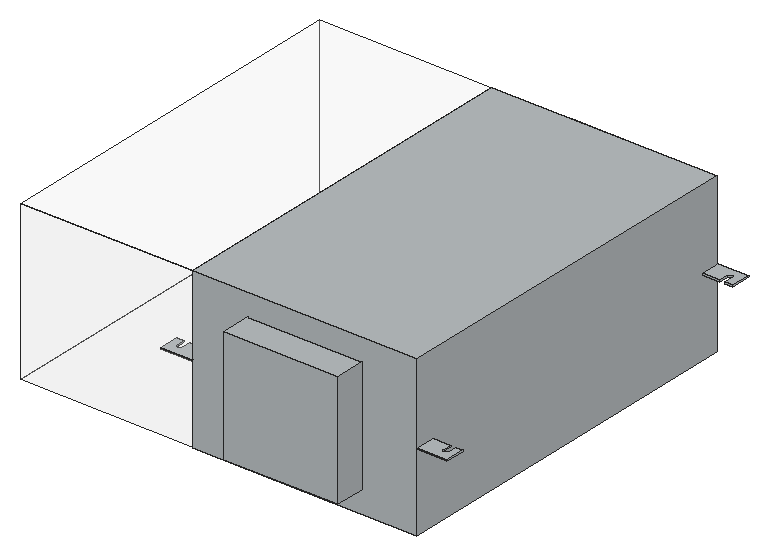
Revit family "7_天吊埋込タイプ 消音形(角ダクト) 3相200V-50", category 機械設備, Revit 2019
Family settings
  丸型コネクタ寸法 = 直径を使用
  パーツ タイプ = 割り込み
  OmniClass 番号 = 23.75.35.17.27
  OmniClass タイトル = Centrifugal Fans
  作業面ベース = いいえ
  常に垂直 = はい
  ロード時にボイドで切り取り = いいえ
  共有 = いいえ
  部屋計算ポイント = はい
Parameters (values of type "BFS-300TUA1-50")
  騒音レベル(dB(A))_吸込 = 49
  騒音レベル(dB(A))_吐出 = 73
  騒音レベル(dB(A))_側面 = 44
  騒音レベル(dB(A)) = 73
  風量 [instance] = 設計風量  # 0.0 m³/h
  電源種別 [instance] = "一般"
  電圧 = 200 V
  電動機出力 = 1000 W
  電動機_種別 [instance] = ""
  運転質量 = 0.00 kg
  連動 [instance] = ""
  質量 = if(製品質量 > 運転質量, 製品質量, 運転質量) * 1.2  # 52.80 kg
  負荷分類 = 3_ファン類
  説明 = "ストレートシロッコファン天吊埋込タイプ（消音形）"
  設計風量 [instance] = 0.0 m³/h
  設置方法 = "天吊"
  記号 [instance] = ""
  製造元 = "三菱電機株式会社"
  製品質量 = 44.00 kg
  製品出荷対象 = "国内"
  製品リリース年月 = "2005年11月1日"
  製品グループ = ""
  系統 [instance] = ""
  符号 [instance] = if(☑給気／□排気, "FS", "FE")  # "FE"
  積算_科目 = "2 換気設備"
  積算_拾い区分 [instance] = ""
  相 = 3
  盤記号 [instance] = ""
  盤工事区分 = "電気工事"
  発停方法 [instance] = "別売スイッチ"
  番手 = "#2"
  特殊仕様 [instance] = ""
  点検口位置 = 80 mm
  火災停止 = ""
  消費電力 = 910 W
  法定耐用年数 = "15"
  機外静圧 [instance] = 0.0 Pa
  極数 = 3
  極 = 4
  材質 [instance] = ""
  本体マテリアル = 溶融亜鉛めっき鋼板
  操作・制御方式 = ""
  操作・制御スイッチ = ""
  排気量 [instance] = if(☑給気／□排気, 0.0 m³/h, 設計風量)  # 0.0 m³/h
  形式 = ""
  形名 = BFS-TUA1 : BFS-300TUA1-50
  幹線記号 [instance] = ""
  対象室 [instance] = ""
  実風量 = 0.0 m³/h
  始動方式 [instance] = "直入"
  外気量 [instance] = if(☑給気／□排気, 設計風量, 0.0 m³/h)  # 0.0 m³/h
  呼称 = "消音ボックス付送風機"
  周波数 = 50 Hz
  天吊金具ピッチ幅 = 695 mm
  天吊金具ピッチ奥行 = 924 mm
  参照している仕様書等のバージョン = ""
  分類コード = "50052502100020"
  分類グループ = ""
  価格 = 233000
  企業コード = "108420"
  付属品_防振装置 = ""
  付属品 [instance] = ""
  仕様書バージョン = "Version1.0"
  モデル = "BFS-300TA1-50"
  ファンの種類 = "多翼形"
  ダクト高 = 298 mm
  ダクト幅 = 298 mm
  サービススペース = yes
  コメント [instance] = ""
  Keynote = ""
  ☑給気／□排気 [instance] = no
  Width = 586 mm
  Version = ""
  Uniclass2015Version = "Systems v1.9"
  Uniclass2015Title = "Centrifugal fans"
  Uniclass2015Code = "Pr_65_67_29_12"
  URL = "https://www.mitsubishielectric.co.jp/ldg/wink/ssl/displayProduct.do?pid=138112"
  SpecificationReference = ""
  SpecificationDescription = ""
  Revision = ""
  ProductInformation = ""
  OmniClassCode = "23-33 31 19 13 15"
  MIN風量 = 0.0 m³/h
  MIN静圧 = 0.0 Pa
  MID風量 = 0.0 m³/h
  MID静圧 = 0.0 Pa
  MAX風量 = 3000.0 m³/h
  MAX静圧 = 220.0 Pa
  M = 79 mm
  IfcTypeProduct = ""
  IfcProduct = ""
  IfcExportType = "CENTRIFUGALFORWARDCURVED"
  IfcExportAs = "IfcFanType"
  Height = 413 mm
  Depth = 977 mm
  Clearance Top = 0 mm  # constant formula
  Clearance Right = 0 mm  # constant formula
  Clearance Left = 450 mm  # constant formula
  Clearance Front = 0 mm  # constant formula
  Clearance Bottom = 0 mm  # constant formula
  Clearance Back = 0 mm  # constant formula
  Author = "三菱電機株式会社"
Types (5, lengths in mm): name | 騒音レベル(dB(A))_吸込 | 騒音レベル(dB(A))_吐出 | 騒音レベル(dB(A))_側面 | 騒音レベル(dB(A)) | 電動機出力 | 質量 | 製品質量 | 製品リリース年月 | 番手 | 点検口位置 | 消費電力 | 形名 | 天吊金具ピッチ幅 | 天吊金具ピッチ奥行 | 参照している仕様書等のバージョン | 価格 | モデル | ダクト高 | ダクト幅 | Width | URL | MAX風量 | MAX静圧 | M | Height | Depth
  BFS-800TU | 60.5 | 69 | 44.5 | 69 | 3500 W | 144.00 kg | 120.00 kg | "2015年4月20日" | "#2×3" | 281 | 2700 W | BFS-TUA1 : BFS-800TU | 1061 | 1630 | "" | 800000 | "BFS-800TU" | 298 | 798 | 950 | "https://www.mitsubishielectric.co.jp/ldg/wink/ssl/displayProduct.do?pid=255870" | 8000.0 m³/h | 200.0 Pa | 80 | 433 | 1682
  BFS-1000TU | 61 | 69.5 | 45 | 69.5 | 4400 W | 180.00 kg | 150.00 kg | "2015年4月20日" | "#2×4" | 281 | 3500 W | BFS-TUA1 : BFS-1000TU | 1181 | 1850 | "" | 850000 | "BFS-1000TU" | 298 | 898 | 1070 | "https://www.mitsubishielectric.co.jp/ldg/wink/ssl/displayProduct.do?pid=255869" | 10000.0 m³/h | 205.0 Pa | 80 | 433 | 1902
  BFS-300TUA1-50 | 49 | 73 | 44 | 73 | 1000 W | 52.80 kg | 44.00 kg | "2005年11月1日" | "#2" | 80 | 910 W | BFS-TUA1 : BFS-300TUA1-50 | 695 | 924 | "" | 233000 | "BFS-300TA1-50" | 298 | 298 | 586 | "https://www.mitsubishielectric.co.jp/ldg/wink/ssl/displayProduct.do?pid=138112" | 3000.0 m³/h | 220.0 Pa | 79 | 413 | 977
  BFS-450TUA | 52 | 71 | 43 | 71 | 2200 W | 93.60 kg | 78.00 kg | "2003年4月" | "#1 1/2×2" | 282.5 | 1150 W | BFS-TUA1 : BFS-450TUA | 989 | 962 | "公共建築工事標準仕様書（機械設備工事編）平成31年度版" | 375000 | "BFS-450TUA" | 248 | 698 | 884 | "https://www.mitsubishielectric.co.jp/ldg/wink/ssl/displayProduct.do?pid=41990" | 4500.0 m³/h | 190.0 Pa | 79 | 373 | 1010
  BFS-550TUA1-50 | 54 | 71 | 45 | 71 | 2000 W | 108.00 kg | 90.00 kg | "2005年11月1日" | "#2×2" | 282 | 1750 W | BFS-TUA1 : BFS-550TUA1-50 | 1124 | 1033 | "" | 417000 | "BFS-550TUA1-50" | 298 | 748 | 1020 | "https://www.mitsubishielectric.co.jp/ldg/wink/ssl/displayProduct.do?pid=138114" | 5500.0 m³/h | 200.0 Pa | 79 | 413 | 1078
Reference planes
  plane 1 "中心(正面/背面)": y = 0
  plane 2: z = 0
  plane 3 "中心(左/右)": x = 0
  plane 4 "左": x = -293
  plane 5 "右": x = 293
  plane 6 "背面": y = 488.5
  plane 7 "正面": y = -488.5
  plane 8: z = 206.5
  plane 9: y = 462
  plane 10: y = -462
  plane 11: x = 347.5
  plane 12: x = -347.5
  plane 13: z = -206.5
  plane 14: z = 206.5
  plane 15: z = -206.5
  plane 16: y = 488.5
  plane 17: y = -488.5
  plane 18: x = 293
  plane 19: x = -743
  plane 20: x = -373
Dimensions and locks
  "Width": plane 4 "左" to plane 5 "右"
  equal spacing: plane 7 "正面", plane 1 "中心(正面/背面)", plane 6 "背面"
  "Depth": plane 7 "正面" to plane 6 "背面"
  equal spacing: plane 8, level, plane 13
  "Height": plane 8 to plane 13
  "天吊金具ピッチ幅": plane 12 to plane 11
  equal spacing: plane 10, plane 1 "中心(正面/背面)", plane 9
  "天吊金具ピッチ奥行": plane 10 to plane 9
  "Clearance Top": plane 14 to plane 8
  "Clearance Bottom": plane 13 to plane 15
  "Clearance Right": plane 5 "右" to plane 18
  "Clearance Left": plane 19 to plane 4 "左"
  "Clearance Back": plane 6 "背面" to plane 16
  "Clearance Front": plane 17 to plane 7 "正面"
  equal spacing: plane 12, plane 3 "中心(左/右)", plane 11
  equal spacing: plane 4 "左", plane 3 "中心(左/右)", plane 5 "右"
  "点検口位置": plane 20 to plane 4 "左"
  aligned and locked: level to plane 2
  aligned and locked: nested 2 to plane 9
  aligned and locked: plane 10 to nested 2
  aligned and locked: plane 12 to nested 2
  aligned and locked: plane 11 to nested 2
  aligned and locked: plane 8 to nested 1
  aligned and locked: nested 1 to plane 13
  aligned and locked: plane 19 to nested 3
  aligned and locked: plane 17 to nested 3
  aligned and locked: plane 14 to nested 3
  aligned and locked: plane 15 to nested 3
  aligned and locked: plane 16 to nested 3
  aligned and locked: plane 4 "左" to nested 3
  aligned and locked: plane 1 "中心(正面/背面)" to nested 1
  aligned and locked: nested 1 to plane 3 "中心(左/右)"
Nested families
  nested 1: "BFS-TUA1" at (0, 0, -206.5) x (0, -1, 0) z (0, 0, 1), type <- "形名", type "BFS-300TUA1-50"
  nested 2: "固定点" at (-347.5, -462, 0), type "固定点"
    with 中心円 13.5 mm, W 695 mm, D 924 mm
  nested 3: "サービススペース" at (-518, 0, 0), visible <- "サービススペース", type "サービススペース"
    with Width 450 mm, Height 413 mm, Depth 977 mm
Connectors
  hvac at (0, -567.5, 0), driven by "ダクト高", driven by "ダクト幅", driven by "機外静圧", driven by "風量"
    settings: on nested 1, index 2, duct flow 0.0 m³/h, flow factor 0, pres drop 0.0 Pa, loss coef 0, conn angle 0.00°, conn width 298 mm, conn height 298 mm, conn diameter 609.6 mm, duct sys type 29, conn prof type 1, flow config 0, flow direction 2, loss method 4, conn ref index -1, conn util no, is conn primary yes, conn desc "Out"
  hvac at (0, 567.5, 0), driven by "ダクト高", driven by "ダクト幅", driven by "機外静圧", driven by "風量"
    settings: on nested 1, index 3, duct flow 0.0 m³/h, flow factor 0, pres drop 0.0 Pa, loss coef 0, conn angle 0.00°, conn width 298 mm, conn height 298 mm, conn diameter 609.6 mm, duct sys type 29, conn prof type 1, flow config 0, flow direction 1, loss method 4, conn ref index -1, conn util no, is conn primary no, conn desc "In"
  electrical at (-322.5, -360.5, -64), driven by "極数", driven by "負荷分類", driven by "電圧", driven by "消費電力"
    settings: on nested 1, index 4, voltage 200 V, apparent load 910 VA, apparent load phase1 0 VA, apparent load phase2 0 VA, apparent load phase3 0 VA, power factor 1, load classification "3_ファン類", number of poles 3, system type 30, power factor state 1, is connector primary yes, connector utility no, sub classification motor no, connector description ""
Definition of nested family "BFS-TUA1"
  Parameters (values of type "BFS-300TUA1-50")
    端子カバー高 = 99 mm
    端子カバー手前位置 = 62.5 mm
    端子カバー幅 = 29.5 mm
    端子カバー奥行 = 131 mm
    端子カバー上位置 = 221 mm
    吊りボルト-φ = 13.5 mm
    吊りボルト-W2 = 52 mm
    吊りボルト-W1 = 924 mm
    吊りボルト-D2 = 746 mm
    吊りボルト-D1 = 695 mm
    吊りボルト-2 = no
    吊りボルト-1 = yes
    マテリアル = none
    ダクト-D = 298 mm
    ダクト-W = 298 mm
    b = 430 mm
    a = 79 mm
    W = 977 mm
    H = 413 mm
    D = 586 mm
  Types (7, lengths in mm): name | 端子カバー高 | 端子カバー手前位置 | 端子カバー幅 | 端子カバー奥行 | 端子カバー上位置 | 吊りボルト-φ | 吊りボルト-W2 | 吊りボルト-W1 | 吊りボルト-D2 | 吊りボルト-D1 | 吊りボルト-2 | 吊りボルト-1 | ダクト-D | ダクト-W | b | a | W | H | D
    BFS-300TUA1-50 | 99 | 62.5 | 29.5 | 131 | 221 | 13.5 | 52 | 924 | 746 | 695 | no | yes | 298 | 298 | 430 | 79 | 977 | 413 | 586
    BFS-300TUA1-60 | 99 | 62.5 | 29.5 | 131 | 221 | 13.5 | 52 | 924 | 746 | 695 | no | yes | 298 | 298 | 430 | 79 | 977 | 413 | 586
    BFS-450TUA | 99 | 36.5 | 29.5 | 131 | 200.7 | 14 | 50 | 962 | 1049 | 989 | yes | no | 248 | 698 | 561 | 79 | 1010 | 373 | 884
    BFS-550TUA1-50 | 99 | 36.5 | 29.5 | 131 | 224.5 | 14 | 50 | 1033 | 1184 | 1124 | yes | no | 298 | 748 | 608 | 79 | 1078 | 413 | 1020
    BFS-550TUA1-60 | 99 | 36.5 | 29.5 | 131 | 224.5 | 14 | 50 | 1033 | 1184 | 1124 | yes | no | 298 | 748 | 608 | 79 | 1078 | 413 | 1020
    BFS-800TU | 150 | 298 | 36 | 360 | 63 | 13.5 | 52 | 1630 | 1112 | 1061 | no | yes | 298 | 798 | 608 | 80 | 1682 | 433 | 950
    BFS-1000TU | 150 | 622 | 36 | 360 | 63 | 13.5 | 52 | 1850 | 1232 | 1181 | no | yes | 298 | 898 | 608 | 80 | 1902 | 433 | 1070
  Reference planes
    plane 1 "中心(正面/背面)": y = 0
    plane 2: z = 0
    plane 3 "中心(左/右)": x = 0
    plane 4: y = 293
    plane 5: y = 347.5
    plane 6: y = 373
    plane 7: y = -293
    plane 8: y = -347.5
    plane 9: y = -373
    plane 10: x = -488.5
    plane 11: x = -462
    plane 12: x = -491.5
    plane 13: x = 488.5
    plane 14: x = 462
    plane 15: x = 491.5
    plane 16: z = 413
    plane 17: x = -4
    plane 18: x = 426
    plane 19: x = 567.5
    plane 20: x = -567.5
    plane 21: z = 206.5
    plane 22: z = 203.5
    plane 23: z = 165.5
    plane 24: x = -439.5
    plane 25: z = 188.5
    plane 26: x = 439.5
    plane 27: y = 296
    plane 28: x = 557.5
    plane 29: x = 498.5
    plane 30: x = -498.5
    plane 31: x = -557.5
    plane 32: x = 295
    plane 33: z = 192
    plane 34: z = 93
    plane 35: y = -322.5
    plane 36: y = 149
    plane 37: y = -149
    plane 38: z = 57.5
    plane 39: z = 355.5
    plane 40: z = -20
  Forms (mm)
    Extrusion 1, solid, material <- "マテリアル", detail levels fine
      sketch origin (0, 0, 0) x (1, 0, 0) y (0, 1, 0)
        loop
          line (-488.5, 293) -> (-488.5, -293) -> (488.5, -293) -> (488.5, 293) -> (-488.5, 293)
      from 0 to 413
    Extrusion 2, solid, material <- "マテリアル", visible <- "吊りボルト-1", detail levels fine
      sketch origin (0, 0, 0) x (1, 0, 0) y (0, 1, 0)
        loop
          line (-491.5, -293) -> (-491.5, -373) -> (-439.5, -373) -> (-439.5, -354.25) -> (-462, -354.25)
          arc (-462, -354.25) -> (-468.75, -347.5) -> (-462, -340.75) r 6.75
          line (-462, -340.75) -> (-439.5, -340.75) -> (-439.5, -293) -> (-491.5, -293)
      from 203.5 to 206.5
    Extrusion 3, solid, material <- "マテリアル", visible <- "吊りボルト-1", detail levels fine
      sketch origin (0, 0, 0) x (1, 0, 0) y (0, 1, 0)
        loop
          line (-491.5, 293) -> (-439.5, 293) -> (-439.5, 340.75) -> (-462, 340.75)
          arc (-462, 340.75) -> (-468.75, 347.5) -> (-462, 354.25) r 6.75
          line (-462, 354.25) -> (-439.5, 354.25) -> (-439.5, 373) -> (-491.5, 373) -> (-491.5, 293)
      from 203.5 to 206.5
    Extrusion 4, solid, material <- "マテリアル", visible <- "吊りボルト-1", detail levels fine
      sketch origin (0, 0, 0) x (-1, 0, 0) y (0, -1, 0)
        loop
          line (-491.5, -293) -> (-491.5, -373) -> (-439.5, -373) -> (-439.5, -354.25) -> (-462, -354.25)
          arc (-462, -354.25) -> (-468.75, -347.5) -> (-462, -340.75) r 6.75
          line (-462, -340.75) -> (-439.5, -340.75) -> (-439.5, -293) -> (-491.5, -293)
      from 203.5 to 206.5
    Extrusion 5, solid, material <- "マテリアル", visible <- "吊りボルト-1", detail levels fine
      sketch origin (0, 0, 0) x (-1, 0, 0) y (0, -1, 0)
        loop
          line (-491.5, 293) -> (-439.5, 293) -> (-439.5, 340.75) -> (-462, 340.75)
          arc (-462, 340.75) -> (-468.75, 347.5) -> (-462, 354.25) r 6.75
          line (-462, 354.25) -> (-439.5, 354.25) -> (-439.5, 373) -> (-491.5, 373) -> (-491.5, 293)
      from 203.5 to 206.5
    Extrusion 6, solid, material <- "マテリアル", detail levels fine
      sketch origin (0, 0, 0) x (1, 0, 0) y (0, 0, 1)
        loop
          line (426, 192) -> (295, 192) -> (295, 93) -> (426, 93) -> (426, 192)
      from 293 to 322.5
    Extrusion 7, solid, material <- "マテリアル", detail levels fine
      sketch origin (0, 0, 0) x (1, 0, 0) y (0, 1, 0)
        loop
          line (-567.5, 149) -> (-567.5, -149) -> (-488.5, -149) -> (-488.5, 149) -> (-567.5, 149)
        loop
          line (567.5, 149) -> (488.5, 149) -> (488.5, -149) -> (567.5, -149) -> (567.5, 149)
      from 57.5 to 355.5
    Extrusion 8, solid, material <- "マテリアル", visible <- "吊りボルト-2", detail levels fine
      sketch origin (0, 0, 0) x (1, 0, 0) y (0, 1, 0)
        loop
          line (-439.5, 373) -> (-491.5, 373) -> (-491.5, 354.25) -> (-462, 354.25)
          arc (-462, 354.25) -> (-455.25, 347.5) -> (-462, 340.75) r 6.75
          line (-462, 340.75) -> (-491.5, 340.75) -> (-491.5, -340.75) -> (-462, -340.75)
          arc (-462, -340.75) -> (-455.25, -347.5) -> (-462, -354.25) r 6.75
          line (-462, -354.25) -> (-491.5, -354.25) -> (-491.5, -373) -> (-439.5, -373) -> (-439.5, 373)
        loop
          line (439.5, 373) -> (439.5, -373) -> (491.5, -373) -> (491.5, -354.25) -> (462, -354.25)
          arc (462, -354.25) -> (455.25, -347.5) -> (462, -340.75) r 6.75
          line (462, -340.75) -> (491.5, -340.75) -> (491.5, 340.75) -> (462, 340.75)
          arc (462, 340.75) -> (455.25, 347.5) -> (462, 354.25) r 6.75
          line (462, 354.25) -> (491.5, 354.25) -> (491.5, 373) -> (439.5, 373)
      from -20 to 0
  Dimensions and locks
    plane 12 to plane 15 = 983 mm
    "吊りボルト-W1": plane 11 to plane 14
    "W": plane 10 to plane 13
    "吊りボルト-D2": plane 9 to plane 6
    "吊りボルト-D1": plane 8 to plane 5
    "D": plane 7 to plane 4
    equal spacing: plane 7, plane 1 "中心(正面/背面)", plane 4
    equal spacing: plane 10, plane 3 "中心(左/右)", plane 13
    "H": plane 16 to level
    locked: plane 13 to plane 15 at 3
    locked: plane 12 to plane 10 at 3
    equal spacing: plane 16, plane 21, level
    locked: plane 21 to plane 22 at 3
    locked: plane 21 to plane 23 at 41
    "吊りボルト-W2": plane 12 to plane 24
    locked: plane 22 to plane 25 at 15
    "吊りボルト-W2": plane 26 to plane 15
    locked: plane 27 to plane 4 at 3
    "a": plane 20 to plane 10
    "a": plane 13 to plane 19
    locked: plane 20 to plane 31 at 10
    locked: plane 30 to plane 10 at 10
    locked: plane 13 to plane 29 at 10
    locked: plane 28 to plane 19 at 10
    "端子カバー手前位置": plane 13 to plane 18
    "b": plane 18 to plane 17
    "端子カバー奥行": plane 18 to plane 32
    "端子カバー高": plane 33 to plane 34
    "端子カバー幅": plane 35 to plane 7
    equal spacing: plane 11, plane 3 "中心(左/右)", plane 14
    equal spacing: plane 8, plane 1 "中心(正面/背面)", plane 5
    equal spacing: plane 9, plane 1 "中心(正面/背面)", plane 6
    equal spacing: plane 37, plane 1 "中心(正面/背面)", plane 36
    "ダクト-W": plane 37 to plane 36
    "ダクト-D": plane 39 to plane 38
    equal spacing: plane 39, plane 21, plane 38
    locked: level to plane 40 at 20
    "端子カバー上位置": plane 16 to plane 33
    "吊りボルト-φ": diameter of Extrusion 3 sketch curve
    "吊りボルト-φ": diameter of Extrusion 4 sketch curve
    "吊りボルト-φ": diameter of Extrusion 2 sketch curve
    "吊りボルト-φ": diameter of Extrusion 5 sketch curve
    "吊りボルト-φ": diameter of Extrusion 8 sketch curve  (x4)
    aligned and locked: level to plane 2
    aligned and locked: plane 4 to Extrusion 1 sketch curve
    aligned and locked: plane 10 to Extrusion 1 sketch curve
    aligned and locked: Extrusion 1 sketch curve to plane 7
    aligned and locked: Extrusion 1 sketch curve to plane 13
    aligned and locked: plane 16 to Extrusion 1
    aligned and locked: plane 7 to Extrusion 2 sketch curve
    aligned and locked: plane 12 to Extrusion 2 sketch curve
    aligned and locked: Extrusion 2 sketch curve to plane 9
    aligned and locked: Extrusion 2 sketch curve to plane 24  (x2)
    aligned and locked: plane 11 to Extrusion 2 sketch curve
    aligned and locked: plane 8 to Extrusion 2 sketch curve
    aligned and locked: plane 21 to Extrusion 2
    aligned and locked: Extrusion 2 to plane 22
    aligned and locked: plane 24 to Extrusion 3 sketch curve  (x2)
    aligned and locked: plane 5 to Extrusion 3 sketch curve
    aligned and locked: plane 11 to Extrusion 3 sketch curve
    aligned and locked: Extrusion 3 sketch curve to plane 6
    aligned and locked: Extrusion 3 sketch curve to plane 12
    aligned and locked: plane 4 to Extrusion 3 sketch curve
    aligned and locked: plane 21 to Extrusion 3
    aligned and locked: Extrusion 3 to plane 22
    aligned and locked: Extrusion 4 to plane 6
    aligned and locked: plane 15 to Extrusion 4
    aligned and locked: Extrusion 4 to plane 26
    aligned and locked: plane 26 to Extrusion 4 sketch curve  (x2)
    aligned and locked: plane 6 to Extrusion 4 sketch curve
    aligned and locked: Extrusion 4 sketch curve to plane 15
    aligned and locked: plane 5 to Extrusion 4 sketch curve
    aligned and locked: plane 14 to Extrusion 4 sketch curve
    aligned and locked: Extrusion 4 sketch curve to plane 4
    aligned and locked: Extrusion 4 to plane 22
    aligned and locked: plane 21 to Extrusion 4
    aligned and locked: plane 9 to Extrusion 5 sketch curve
    aligned and locked: plane 15 to Extrusion 5 sketch curve
    aligned and locked: Extrusion 5 sketch curve to plane 7
    aligned and locked: Extrusion 5 sketch curve to plane 26  (x2)
    aligned and locked: plane 14 to Extrusion 5 sketch curve
    aligned and locked: plane 8 to Extrusion 5 sketch curve
    aligned and locked: Extrusion 5 to plane 22
    aligned and locked: plane 21 to Extrusion 5
    aligned and locked: plane 33 to Extrusion 6 sketch curve
    aligned and locked: plane 18 to Extrusion 6 sketch curve
    aligned and locked: Extrusion 6 sketch curve to plane 34
    aligned and locked: Extrusion 6 sketch curve to plane 32
    aligned and locked: Extrusion 6 to plane 7
    aligned and locked: plane 36 to Extrusion 7 sketch curve
    aligned and locked: plane 20 to Extrusion 7 sketch curve
    aligned and locked: Extrusion 7 sketch curve to plane 37
    aligned and locked: Extrusion 7 sketch curve to plane 10
    aligned and locked: Extrusion 7 sketch curve to plane 36
    aligned and locked: plane 19 to Extrusion 7 sketch curve
    aligned and locked: plane 37 to Extrusion 7 sketch curve
    aligned and locked: Extrusion 7 sketch curve to plane 13
    aligned and locked: plane 39 to Extrusion 7
    aligned and locked: Extrusion 7 to plane 38
    aligned and locked: Extrusion 8 sketch curve to plane 24
    aligned and locked: Extrusion 8 sketch curve to plane 12  (x3)
    aligned and locked: Extrusion 8 sketch curve to plane 6
    aligned and locked: Extrusion 8 sketch curve to plane 9
    aligned and locked: plane 11 to Extrusion 8 sketch curve  (x2)
    aligned and locked: Extrusion 8 sketch curve to Extrusion 3
    aligned and locked: Extrusion 8 sketch curve to Extrusion 2
    aligned and locked: plane 6 to Extrusion 8 sketch curve
    aligned and locked: Extrusion 8 sketch curve to plane 15  (x3)
    aligned and locked: Extrusion 8 sketch curve to plane 26
    aligned and locked: plane 5 to Extrusion 8 sketch curve
    aligned and locked: plane 14 to Extrusion 8 sketch curve  (x2)
    aligned and locked: plane 9 to Extrusion 8 sketch curve
    aligned and locked: plane 8 to Extrusion 8 sketch curve
    aligned and locked: Extrusion 8 to plane 40
    aligned and locked: level to Extrusion 8
    aligned and locked: plane 35 to Extrusion 6
  Automatic sketch dimensions
    Extrusion 2 sketch curve to plane 11 = 0 mm
    Extrusion 3 sketch curve to plane 11 = 0 mm
    Extrusion 4 sketch curve to plane 14 = 0 mm
    Extrusion 5 sketch curve to plane 14 = 0 mm
    Extrusion 8 sketch curve to plane 11 = 0 mm
Definition of nested family "サービススペース"
  Parameters (values of type "サービススペース")
    Width [instance] = 500 mm
    Height [instance] = 500 mm
    Depth [instance] = 500 mm
  Reference planes
    plane 1 "中心(正面/背面)": y = 0
    plane 2: z = 0
    plane 3 "中心(左/右)": x = 0
    plane 4: y = -250
    plane 5: x = 250
    plane 6: y = 250
    plane 7: x = -250
    plane 8: z = 250
    plane 9: z = -250
  Forms (mm)
    Extrusion 1, solid
      sketch origin (-638.939, 0, 72.39) x (1, 0, 0) y (0, 1, 0)
        loop
          line (388.939, 250) -> (388.939, -250) -> (888.939, -250) -> (888.939, 250) -> (388.939, 250)
      from -322.39 to 177.61
  Lines and regions (mm)
    symbolic lines
      curve 1: line (-250, 0, 250) -> (250, 0, 250)
      curve 2: line (-250, 0, -250) -> (-250, 0, 250)
      curve 3: line (250, 0, -250) -> (-250, 0, -250)
      curve 4: line (250, 0, 250) -> (250, 0, -250)
      curve 5: line (0, -250, 250) -> (0, 250, 250)
      curve 6: line (0, -250, -250) -> (0, -250, 250)
      curve 7: line (0, 250, -250) -> (0, -250, -250)
      curve 8: line (0, 250, 250) -> (0, 250, -250)
      curve 9: line (-250, 250, 0) -> (250, 250, 0)
      curve 10: line (-250, -250, 0) -> (-250, 250, 0)
      curve 11: line (250, -250, 0) -> (-250, -250, 0)
      curve 12: line (250, 250, 0) -> (250, -250, 0)
  Dimensions and locks
    equal spacing: plane 7, plane 3 "中心(左/右)", plane 5
    equal spacing: plane 4, plane 1 "中心(正面/背面)", plane 6
    "Depth": plane 4 to plane 6
    "Width": plane 7 to plane 5
    equal spacing: plane 8, plane 2, plane 9
    "Height": plane 8 to plane 9
    aligned and locked: plane 9 to curve 3
    aligned and locked: plane 7 to curve 2
    aligned and locked: curve 4 to plane 5
    aligned and locked: plane 5 to Extrusion 1
    aligned and locked: Extrusion 1 to plane 7
    aligned and locked: Extrusion 1 to plane 9
    aligned and locked: plane 8 to Extrusion 1
    aligned and locked: plane 9 to curve 7
  Automatic sketch dimensions
    plane 4 to Extrusion 1 sketch curve = 0 mm
    Extrusion 1 sketch curve to plane 7 = 0 mm
    Extrusion 1 sketch curve to plane 5 = 0 mm
    plane 6 to Extrusion 1 sketch curve = 0 mm
    curve 2 to plane 8 = 0 mm
    plane 4 to curve 11 = 0 mm
    curve 11 to plane 7 = 0 mm
    curve 11 to plane 5 = 0 mm
    plane 6 to curve 10 = 0 mm
    curve 7 to plane 4 = 0 mm
    curve 7 to plane 6 = 0 mm
    curve 6 to plane 8 = 0 mm
Definition of nested family "固定点"
  Parameters (values of type "固定点")
    中心円 [instance] = if(and(960 mm < W, W < 1034 mm), 14 mm, 13.5 mm)  # 14 mm
    W [instance] = 1000 mm
    D [instance] = 1000 mm
  Reference planes
    plane 1 "中心(正面/背面)": y = 0
    plane 2: z = 0
    plane 3 "中心(左/右)": x = 0
    plane 4: x = 1000
    plane 5: y = 1000
  Lines and regions (mm)
    symbolic lines, detail levels fine
      curve 1: circle (0, 1000, 0) r 7 normal (0, 0, 1)
      curve 2: circle (0, 0, 0) r 7 normal (0, 0, 1)
      curve 3: circle (1000, 1000, 0) r 7 normal (0, 0, 1)
      curve 4: circle (1000, 0, 0) r 7 normal (0, 0, 1)
      curve 5: line (-200, 1000, 0) -> (1200, 1000, 0)
      curve 6: line (-200, 0, 0) -> (1200, 0, 0)
      curve 7: line (0, 1200, 0) -> (0, -200, 0)
      curve 8: line (1000, 1200, 0) -> (1000, -200, 0)
  Dimensions and locks
    "W": plane 3 "中心(左/右)" to plane 4
    "D": plane 1 "中心(正面/背面)" to plane 5
    "中心円": diameter of curve 1
    "中心円": diameter of curve 2
    "中心円": diameter of curve 3
    "中心円": diameter of curve 4
    aligned and locked: level to plane 2
    aligned and locked: plane 5 to curve 1
    aligned and locked: plane 3 "中心(左/右)" to curve 1
    aligned and locked: plane 3 "中心(左/右)" to curve 2
    aligned and locked: plane 1 "中心(正面/背面)" to curve 2
    aligned and locked: plane 4 to curve 3
    aligned and locked: plane 5 to curve 3
    aligned and locked: plane 1 "中心(正面/背面)" to curve 4
    aligned and locked: plane 4 to curve 4
    aligned and locked: plane 1 "中心(正面/背面)" to curve 6
    aligned and locked: curve 7 to plane 3 "中心(左/右)"
    aligned and locked: curve 8 to plane 4
  Automatic sketch dimensions
    curve 5 to plane 5 = 0 mm
    curve 6 to plane 3 "中心(左/右)" = 200 mm
    curve 5 to plane 3 "中心(左/右)" = 200 mm
    curve 4 to curve 6 = 200 mm
    curve 3 to curve 5 = 200 mm
    plane 1 "中心(正面/背面)" to curve 8 = 200 mm
    plane 1 "中心(正面/背面)" to curve 7 = 200 mm
    curve 3 to curve 8 = 200 mm
    curve 1 to curve 7 = 200 mm
